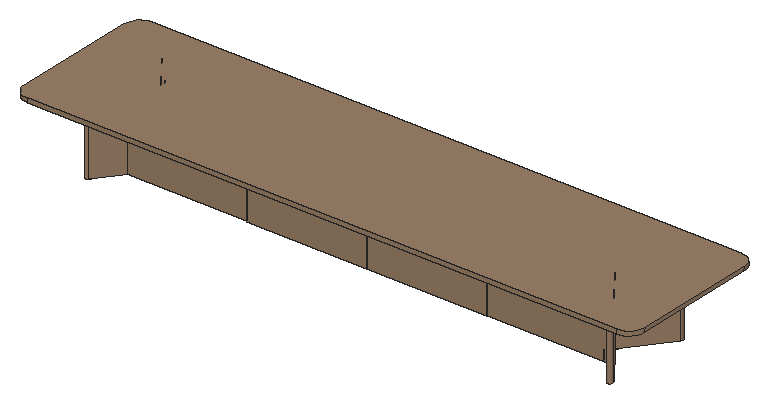
Revit family "Table-Teknion-CFTFFE_Figure_Table_Rectangular_Enclosed_V_Leg_Flat_Edge-R2023", category Furniture, Revit 2023
Family settings
  OmniClass Number = 23.40.20.00
  OmniClass Title = General Furniture and Specialties
  Work Plane-Based = No
  Enable Cutting in Views = No
  Always vertical = Yes
  Cut with Voids When Loaded = No
  Render Appearance Source = Family Geometry
  Shared = Yes
  Room Calculation Point = No
Parameters (values of type "60" Depth")
  Width [instance] = 240.000"
  Warranty = "http://www.teknion.com/ca/papers/legal-canada"
  Unit Weight URL = "http://www.teknion.com/ca/tools/assets#&asset=bee6a381-b954-425e-8283-5a2de3a804f2,f828d448-4b62-4231-9e5f-9a8991c0ed77"
  URL = "www.teknion.com"
  Top Finish [instance] = Veneer-Teknion-LX-Natural_Veneer_V3-Sierra_Flat_Cut
  To render please download texture images found here [instance] = "https://assets.teknion.com/web/5e81352c1dfdb467/revit-material-swatches/"
  Sustainability Data = "https://www.teknion.com/ca/tools/assets#&topic=216f99a5-57a0-44fc-b10a-9dee9b29ae4c&asset=444deb64-fe58-4b68-981e-f75e97781df7,b4ff2d81-9f2e-437d-9659-7cffb09c31cf"
  Surface Power Access [instance] = "Select one option for surface power access."  # constant formula
  Series = "Custom Wood Boardroom & Reception Tables"  # constant formula
  Product Page URL = "https://www.teknion.com/ca/products/product-details?productLineId=f182336e-8e7a-673b-a6c8-ff00004460c4"
  Product Line = "Figure Table"  # constant formula
  Product Documentation Link = "https://d2r72yk5wmppdj.cloudfront.net/m/7b6608f508e3c5a8/Community_Table_Cut_Sheet.pdf"
  Power Cover Finish [instance] = Paint - Teknion - Foundation - Sand
  Power - 2 & 3 [instance] = and([AF - 12" Standard Access Door], Width > 131.000")  # no
  Power - 1 & 3 [instance] = and([AF - 12" Standard Access Door], (or(Width < 121.000", Width > 203.000")))  # no
  Part Number = "CFTFFE"  # constant formula
  NN - None [instance] = not([AF - 12" Standard Access Door])  # yes
  Model = "CFTFFE60___S__"
  Manufacturer Phone = "416-661-3370"  # constant formula
  Manufacturer Fax = "416.661.4586"  # constant formula
  Manufacturer Contact Information = "http://www.teknion.com/ca/contactus"
  Manufacturer Address = "1150 Flint Road, Toronto, ON. M3J 2J5. Canada"  # constant formula
  Manufacturer = "Teknion"  # constant formula
  MR - AF + Base 1 [instance] = and([AF - 12" Standard Access Door], [Base - 1])  # no
  How To Use Teknion Materials User Guide [instance] = "https://assets.teknion.com/m/205dd0a49fa58060/original/How-to-add-a-Material-Library-and-Texture-Images-to-your-Revit-project.pdf"
  Glide Finish [instance] = Paint - Teknion - Foundation - Sand
  For Additional Finishes please visit [instance] = "https://assets.teknion.com/m/44a8009b046e5d47/original/Teknion_Materials_Library.zip"
  Dim 4 = if(Depth = 60.000", 8.346", 6.846")  # 8.346"
  Dim 3 [instance] = if(Width = 156.000", 60.414", if(Width = 168.000", 64.798", if(Width = 180.000", 68.414", if(Width = 192.000", 72.414", if(Width = 204.000", 63.621", if(Width = 216.000", 66.621", if(Width = 228.000", 69.621", if(Width = 240.000", 73.196", 35.000"))))))))  # 73.196"
  Dim 2 [instance] = if(Width = 240.000", 34.764", 32.462")  # 34.764"
  Dim 1 [instance] = if(Width = 120.000", 20.000", if(Width = 180.000", 45.000", if(Width = 192.000", 48.000", 42.000")))  # 42.000"
  Description = "Figure Table, Rectangular, Enclosed V-Leg, Flat Edge, 60\" Depth"
  Depth = 60.000"
  Default Elevation = 0.000"
  Cut - WK - 2 & 3 AF [instance] = if([Power - 2 & 3], 4.000", 0.300")  # 0.300"
  Cut - WK - 1 & 3 AF [instance] = if([Power - 1 & 3], 4.000", 0.300")  # 0.300"
  Cut - Base 2 [instance] = if([Base - 2], 30.000", 0.300")  # 30.000"
  Cut - Base 1 [instance] = if([Base - 1], 30.000", 0.300")  # 30.000"
  Corner Detail [instance] = "Select one option for Corner Detail"  # constant formula
  Base Finish [instance] = Veneer-Teknion-LX-Natural_Veneer_V3-Sierra_Flat_Cut
  Base - 1 [instance] = or(Width < 145.000", Width > 203.000")  # yes
  Base - 2 [instance] = Width > 146.000"  # yes
  Available Width [instance] = "120, 132, 144, 156, 168, 180, 192, 204, 216, 228 & 240 Inch"  # constant formula
  Available Depth = "48, 54 & 60 Inch"  # constant formula
  Assembly Code = "E2020200"
  AF - 12" Standard Access Door [instance] = no
  3 WK [instance] = Width > 203.000"  # yes
  2D - 3 Base [instance] = Width > 203.000"  # yes
  2D - 2 Base [instance] = or(Width = 156.000", Width = 168.000", Width = 180.000", Width = 192.000")  # no
  2D - 1 Base [instance] = Width < 145.000"  # no
  2 WK + NN [instance] = no
  2 WK + AF [instance] = and([AF - 12" Standard Access Door], (or(Width = 132.000", Width = 144.000", Width = 156.000", Width = 168.000", Width = 180.000", Width = 192.000")))  # no
  2 WK [instance] = or(Width = 120.000", Width = 132.000", Width = 144.000", Width = 156.000", Width = 168.000", Width = 180.000", Width = 192.000")  # no
  (S) Square [instance] = no
  (R) Radius [instance] = not([(S) Square])  # yes
Reference planes (in)
  plane 1 "Center Front/Back": y = 0
  plane 2: z = 0
  plane 3 "Center Left/Right": x = 0
  plane 4 "Left": x = -120
  plane 5 "Right": x = 120
  plane 6 "Back": y = 30
  plane 7 "Front": y = -30
  plane 8 "Top": z = 29
  plane 9: x = -85.236
  plane 10: x = 85.236
  plane 11: x = -78
  plane 12: x = 78
  plane 13: x = -40
  plane 14: x = 40
  plane 15: z = 28
  plane 16: x = -46.804
  plane 17: x = 46.804
  plane 18: y = 8.346
  plane 19: y = -8.346
Forms (in)
  Sweep 1, solid, material "Veneer-Teknion-LX-Natural_Veneer_V3-Sierra_Flat_Cut" <- "Top Finish", visible <- "(S) Square"
    path origin (0, 0, 0) x (1, 0, 0) y (0, 0, 1)
      loop
        line (0, 29) -> (0, 27.5)
    profile origin (0, 0, 28.25) x (0, -1, 0) y (1, 0, 0)
      loop
        line (-30, -120) -> (30, -120) -> (30, 120) -> (-30, 120) -> (-30, -120)
  Sweep 2, solid, material "Veneer-Teknion-LX-Natural_Veneer_V3-Sierra_Flat_Cut" <- "Top Finish"
    path origin (0, 0, 0) x (1, 0, 0) y (0, 0, 1)
      loop
        line (0, 27.5) -> (0, 26.75)
    profile origin (0, 0, 27.125) x (0, -1, 0) y (1, 0, 0)
      loop
        line (-22, -112) -> (22, -112) -> (22, 112) -> (-22, 112) -> (-22, -112)
  Sweep 3, void
    path origin (0, 0, 0) x (1, 0, 0) y (0, 0, 1)
      loop
        line (0, 23.8) -> (0, 23.5)
    profile origin (0, 0, 23.65) x (0, -1, 0) y (1, 0, 0)
      loop
        arc (-3.75, -86.25004) -> (-3.60355, -86.6036) -> (-3.25, -86.75004) r 0.5
        line (-3.25, -86.75004) -> (3.25, -86.75004)
        arc (3.25, -86.75004) -> (3.60355, -86.6036) -> (3.75, -86.25004) r 0.5
        line (3.75, -86.25004) -> (3.75, -69.75004)
        arc (3.75, -69.75004) -> (3.60355, -69.39649) -> (3.25, -69.25004) r 0.5
        line (3.25, -69.25004) -> (-3.25, -69.25004)
        arc (-3.25, -69.25004) -> (-3.60355, -69.39649) -> (-3.75, -69.75004) r 0.5
        line (-3.75, -69.75004) -> (-3.75, -86.25004)
      loop
        line (-3.75, 86.25004) -> (-3.75, 69.75004)
        arc (-3.75, 69.75004) -> (-3.60355, 69.39649) -> (-3.25, 69.25004) r 0.5
        line (-3.25, 69.25004) -> (3.25, 69.25004)
        arc (3.25, 69.25004) -> (3.60355, 69.39649) -> (3.75, 69.75004) r 0.5
        line (3.75, 69.75004) -> (3.75, 86.25004)
        arc (3.75, 86.25004) -> (3.60355, 86.6036) -> (3.25, 86.75004) r 0.5
        line (3.25, 86.75004) -> (-3.25, 86.75004)
        arc (-3.25, 86.75004) -> (-3.60355, 86.6036) -> (-3.75, 86.25004) r 0.5
  Sweep 4, void
    path origin (0, 0, 0) x (1, 0, 0) y (0, 0, 1)
      loop
        line (0, 23.5) -> (0, 23.8)
    profile origin (0, 0, 23.65) x (-1, 0, 0) y (0, -1, 0)
      loop
        arc (8.25, -3.75) -> (8.60355, -3.60355) -> (8.75, -3.25) r 0.5
        line (8.75, -3.25) -> (8.75, 3.25)
        arc (8.75, 3.25) -> (8.60355, 3.60355) -> (8.25, 3.75) r 0.5
        line (8.25, 3.75) -> (-8.25, 3.75)
        arc (-8.25, 3.75) -> (-8.60355, 3.60355) -> (-8.75, 3.25) r 0.5
        line (-8.75, 3.25) -> (-8.75, -3.25)
        arc (-8.75, -3.25) -> (-8.60355, -3.60355) -> (-8.25, -3.75) r 0.5
        line (-8.25, -3.75) -> (8.25, -3.75)
  Sweep 5, void
    path origin (0, 0, 0) x (1, 0, 0) y (0, 0, 1)
      loop
        line (0, 31.5) -> (0, 31.2)
    profile origin (0, 0, 31.35) x (0, -1, 0) y (1, 0, 0)
      loop
        line (-2.69291, -72.47642) -> (-2.69291, -83.52367)
        arc (-2.69291, -83.52367) -> (-2.5776, -83.80205) -> (-2.29921, -83.91737) r 0.3937
        line (-2.29921, -83.91737) -> (2.29921, -83.91737)
        arc (2.29921, -83.91737) -> (2.5776, -83.80205) -> (2.69291, -83.52367) r 0.3937
        line (2.69291, -83.52367) -> (2.69291, -72.47642)
        arc (2.69291, -72.47642) -> (2.5776, -72.19803) -> (2.29921, -72.08272) r 0.3937
        line (2.29921, -72.08272) -> (-2.29921, -72.08272)
        arc (-2.29921, -72.08272) -> (-2.5776, -72.19803) -> (-2.69291, -72.47642) r 0.3937
      loop
        arc (-2.69291, 72.47642) -> (-2.5776, 72.19803) -> (-2.29921, 72.08272) r 0.3937
        line (-2.29921, 72.08272) -> (2.29921, 72.08272)
        arc (2.29921, 72.08272) -> (2.5776, 72.19803) -> (2.69291, 72.47642) r 0.3937
        line (2.69291, 72.47642) -> (2.69291, 83.52367)
        arc (2.69291, 83.52367) -> (2.5776, 83.80205) -> (2.29921, 83.91737) r 0.3937
        line (2.29921, 83.91737) -> (-2.29921, 83.91737)
        arc (-2.29921, 83.91737) -> (-2.5776, 83.80205) -> (-2.69291, 83.52367) r 0.3937
        line (-2.69291, 83.52367) -> (-2.69291, 72.47642)
  Sweep 6, void
    path origin (0, 0, 0) x (1, 0, 0) y (0, 0, 1)
      loop
        line (0, 31.2) -> (0, 31.5)
    profile origin (0, 0, 31.35) x (-1, 0, 0) y (0, -1, 0)
      loop
        arc (5.52362, -2.69291) -> (5.80201, -2.5776) -> (5.91732, -2.29921) r 0.3937
        line (5.91732, -2.29921) -> (5.91732, 2.29921)
        arc (5.91732, 2.29921) -> (5.80201, 2.5776) -> (5.52362, 2.69291) r 0.3937
        line (5.52362, 2.69291) -> (-5.52362, 2.69291)
        arc (-5.52362, 2.69291) -> (-5.80201, 2.5776) -> (-5.91732, 2.29921) r 0.3937
        line (-5.91732, 2.29921) -> (-5.91732, -2.29921)
        arc (-5.91732, -2.29921) -> (-5.80201, -2.5776) -> (-5.52362, -2.69291) r 0.3937
        line (-5.52362, -2.69291) -> (5.52362, -2.69291)
  Sweep 7, solid, material "Veneer-Teknion-LX-Natural_Veneer_V3-Sierra_Flat_Cut" <- "Base Finish"
    path origin (0, 0, 0) x (1, 0, 0) y (0, 0, 1)
      loop
        line (0, 26.75) -> (0, 0.5)
    profile origin (0, 0, 13.625) x (0, -1, 0) y (1, 0, 0)
      loop
        line (-7.596, -92.52359) -> (-7.596, 92.52359) -> (-8.346, 93.09908) -> (-8.346, -93.09908) -> (-7.596, -92.52359)
      loop
        line (8.346, -93.09908) -> (8.346, 93.09908) -> (7.596, 92.52359) -> (7.596, -92.52359) -> (8.346, -93.09908)
      loop
        line (6.34206, 90.10244) -> (6.34206, -90.10244) -> (7.49954, -90.9906) -> (7.49954, 90.9906) -> (6.34206, 90.10244)
      loop
        line (-7.49954, 90.9906) -> (-7.49954, -90.9906) -> (-6.34206, -90.10244) -> (-6.34206, 90.10244) -> (-7.49954, 90.9906)
  Sweep 8, void
    path origin (0, 0, 0) x (1, 0, 0) y (0, 1, 0)
      loop
        line (120, 0) -> (-120, 0)
    profile origin (0, 0, 0) x (0, -1, 0) y (0, 0, 1)
      loop
        line (7.49954, 20.75) -> (-7.49954, 20.75) -> (-7.49954, 6.5) -> (7.49954, 6.5) -> (7.49954, 20.75)
  Sweep 9, void
    path origin (0, 0, 0) x (1, 0, 0) y (0, 0, 1)
      loop
        line (0, -2.5) -> (0, 27.5)
    profile origin (0, 0, 12.5) x (-1, 0, 0) y (0, -1, 0)
      loop
        line (47.96148, 7.5625) -> (46.64347, 7.5625) -> (46.64347, 8.346) -> (46.51847, 8.346) -> (46.51847, 7.5625) -> (45.64652, 7.5625) -> (45.64652, -7.5625) -> (46.51847, -7.5625) -> (46.51847, -8.346) -> (46.64347, -8.346) -> (46.64347, -7.5625) -> (47.96148, -7.5625) -> (47.96148, 7.5625)
      loop
        line (-47.96148, 7.5625) -> (-47.96148, -7.5625) -> (-46.64347, -7.5625) -> (-46.64347, -8.346) -> (-46.51847, -8.346) -> (-46.51847, -7.5625) -> (-45.64652, -7.5625) -> (-45.64652, 7.5625) -> (-46.51847, 7.5625) -> (-46.51847, 8.346) -> (-46.64347, 8.346) -> (-46.64347, 7.5625) -> (-47.96148, 7.5625)
  Sweep 10, void
    path origin (0, 0, 0) x (1, 0, 0) y (0, 0, 1)
      loop
        line (0, -2.5) -> (0, 27.5)
    profile origin (0, 0, 12.5) x (-1, 0, 0) y (0, -1, 0)
      loop
        line (1.15748, -7.54912) -> (1.15748, 7.54912) -> (0.0625, 7.54912) -> (0.0625, 8.346) -> (-0.0625, 8.346) -> (-0.0625, 7.54912) -> (-1.15748, 7.54912) -> (-1.15748, -7.54912) -> (-0.0625, -7.54912) -> (-0.0625, -8.346) -> (0.0625, -8.346) -> (0.0625, -7.54912) -> (1.15748, -7.54912)
  Sweep 11, solid, material "Veneer-Teknion-LX-Natural_Veneer_V3-Sierra_Flat_Cut" <- "Top Finish", visible <- "(R) Radius"
    path origin (0, 0, 0) x (1, 0, 0) y (0, 0, 1)
      loop
        line (0, 29) -> (0, 27.5)
    profile origin (0, 0, 28.25) x (0, -1, 0) y (1, 0, 0)
      loop
        arc (-30, -114) -> (-28.24264, -118.24264) -> (-24, -120) r 6
        line (-24, -120) -> (24, -120)
        arc (24, -120) -> (28.24264, -118.24264) -> (30, -114) r 6
        line (30, -114) -> (30, 114)
        arc (30, 114) -> (28.24264, 118.24264) -> (24, 120) r 6
        line (24, 120) -> (-24, 120)
        arc (-24, 120) -> (-28.24264, 118.24264) -> (-30, 114) r 6
        line (-30, 114) -> (-30, -114)
Cuts and joins
  Sweep 5, Sweep 6 cuts Sweep 1
  Sweep 8, Sweep 9, Sweep 10 cuts Sweep 7
  Sweep 3, Sweep 4, Sweep 5, Sweep 6 cuts Sweep 11
  Sweep 3, Sweep 4 cuts Sweep 2
Lines and regions (in)
  Masking region 1, visible <- "(S) Square"
    outline origin (480, -36.56537, 28) x (0, -1, 0) y (1, 0, 0)
      loop
        line (-66.56537, -600) -> (-6.56537, -600) -> (-6.56537, -360) -> (-66.56537, -360) -> (-66.56537, -600)
  Masking region 2, visible <- "Power - 2 & 3"
    outline origin (480, -36.56537, 28) x (0, -1, 0) y (1, 0, 0)
      loop
        line (-39.36852, -552.43701) -> (-39.36852, -563.56299)
        arc (-39.36852, -563.56299) -> (-39.23245, -563.89149) -> (-38.90395, -564.02756) r 0.46457
        line (-38.90395, -564.02756) -> (-34.22678, -564.02756)
        arc (-34.22678, -564.02756) -> (-33.89828, -563.89149) -> (-33.76222, -563.56299) r 0.46457
        line (-33.76222, -563.56299) -> (-33.76222, -552.43701)
        arc (-33.76222, -552.43701) -> (-33.89828, -552.10851) -> (-34.22678, -551.97244) r 0.46457
        line (-34.22678, -551.97244) -> (-38.90395, -551.97244)
        arc (-38.90395, -551.97244) -> (-39.23245, -552.10851) -> (-39.36852, -552.43701) r 0.46457
      loop
        arc (-39.08109, -563.50787) -> (-39.01306, -563.67211) -> (-38.84883, -563.74014) r 0.23226
        line (-38.84883, -563.74014) -> (-38.11709, -563.74014) -> (-38.11709, -563.66805) -> (-38.41576, -563.66805)
        arc (-38.41576, -563.66805) -> (-38.4984, -563.63382) -> (-38.53263, -563.55118) r 0.11687
        line (-38.53263, -563.55118) -> (-38.53263, -552.44882)
        arc (-38.53263, -552.44882) -> (-38.4984, -552.36618) -> (-38.41576, -552.33195) r 0.11687
        line (-38.41576, -552.33195) -> (-38.11709, -552.33195) -> (-38.11709, -552.25986) -> (-38.84883, -552.25986)
        arc (-38.84883, -552.25986) -> (-39.01306, -552.32789) -> (-39.08109, -552.49213) r 0.23226
        line (-39.08109, -552.49213) -> (-39.08109, -563.50787)
      loop
        arc (-34.5981, -563.55118) -> (-34.63233, -563.63382) -> (-34.71497, -563.66805) r 0.11687
        line (-34.71497, -563.66805) -> (-35.01364, -563.66805) -> (-35.01364, -563.74014) -> (-34.2819, -563.74014)
        arc (-34.2819, -563.74014) -> (-34.11767, -563.67211) -> (-34.04964, -563.50787) r 0.23226
        line (-34.04964, -563.50787) -> (-34.04964, -552.49213)
        arc (-34.04964, -552.49213) -> (-34.11767, -552.32789) -> (-34.2819, -552.25986) r 0.23226
        line (-34.2819, -552.25986) -> (-35.01364, -552.25986) -> (-35.01364, -552.33195) -> (-34.71497, -552.33195)
        arc (-34.71497, -552.33195) -> (-34.63233, -552.36618) -> (-34.5981, -552.44882) r 0.11687
        line (-34.5981, -552.44882) -> (-34.5981, -563.55118)
      loop
        line (-39.36852, -396.43701) -> (-39.36852, -407.56299)
        arc (-39.36852, -407.56299) -> (-39.23245, -407.89149) -> (-38.90395, -408.02756) r 0.46457
        line (-38.90395, -408.02756) -> (-34.22678, -408.02756)
        arc (-34.22678, -408.02756) -> (-33.89828, -407.89149) -> (-33.76222, -407.56299) r 0.46457
        line (-33.76222, -407.56299) -> (-33.76222, -396.43701)
        arc (-33.76222, -396.43701) -> (-33.89828, -396.10851) -> (-34.22678, -395.97244) r 0.46457
        line (-34.22678, -395.97244) -> (-38.90395, -395.97244)
        arc (-38.90395, -395.97244) -> (-39.23245, -396.10851) -> (-39.36852, -396.43701) r 0.46457
      loop
        arc (-39.08109, -407.50787) -> (-39.01306, -407.67211) -> (-38.84883, -407.74014) r 0.23226
        line (-38.84883, -407.74014) -> (-38.11709, -407.74014) -> (-38.11709, -407.66805) -> (-38.41576, -407.66805)
        arc (-38.41576, -407.66805) -> (-38.4984, -407.63382) -> (-38.53263, -407.55118) r 0.11687
        line (-38.53263, -407.55118) -> (-38.53263, -396.44882)
        arc (-38.53263, -396.44882) -> (-38.4984, -396.36618) -> (-38.41576, -396.33195) r 0.11687
        line (-38.41576, -396.33195) -> (-38.11709, -396.33195) -> (-38.11709, -396.25986) -> (-38.84883, -396.25986)
        arc (-38.84883, -396.25986) -> (-39.01306, -396.32789) -> (-39.08109, -396.49213) r 0.23226
        line (-39.08109, -396.49213) -> (-39.08109, -407.50787)
      loop
        line (-35.01364, -407.66805) -> (-35.01364, -407.74014) -> (-34.2819, -407.74014)
        arc (-34.2819, -407.74014) -> (-34.11767, -407.67211) -> (-34.04964, -407.50787) r 0.23226
        line (-34.04964, -407.50787) -> (-34.04964, -396.49213)
        arc (-34.04964, -396.49213) -> (-34.11767, -396.32789) -> (-34.2819, -396.25986) r 0.23226
        line (-34.2819, -396.25986) -> (-35.01364, -396.25986) -> (-35.01364, -396.33195) -> (-34.71497, -396.33195)
        arc (-34.71497, -396.33195) -> (-34.63233, -396.36618) -> (-34.5981, -396.44882) r 0.11687
        line (-34.5981, -396.44882) -> (-34.5981, -407.55118)
        arc (-34.5981, -407.55118) -> (-34.63233, -407.63382) -> (-34.71497, -407.66805) r 0.11687
        line (-34.71497, -407.66805) -> (-35.01364, -407.66805)
  Masking region 3, visible <- "Power - 1 & 3"
    outline origin (480, -36.56537, 28) x (0, -1, 0) y (1, 0, 0)
      loop
        line (-39.36852, -474.43701) -> (-39.36852, -485.56299)
        arc (-39.36852, -485.56299) -> (-39.23245, -485.89149) -> (-38.90395, -486.02756) r 0.46457
        line (-38.90395, -486.02756) -> (-34.22678, -486.02756)
        arc (-34.22678, -486.02756) -> (-33.89828, -485.89149) -> (-33.76222, -485.56299) r 0.46457
        line (-33.76222, -485.56299) -> (-33.76222, -474.43701)
        arc (-33.76222, -474.43701) -> (-33.89828, -474.10851) -> (-34.22678, -473.97244) r 0.46457
        line (-34.22678, -473.97244) -> (-38.90395, -473.97244)
        arc (-38.90395, -473.97244) -> (-39.23245, -474.10851) -> (-39.36852, -474.43701) r 0.46457
      loop
        arc (-39.08109, -485.50787) -> (-39.01306, -485.67211) -> (-38.84883, -485.74014) r 0.23226
        line (-38.84883, -485.74014) -> (-38.11709, -485.74014) -> (-38.11709, -485.66805) -> (-38.41576, -485.66805)
        arc (-38.41576, -485.66805) -> (-38.4984, -485.63382) -> (-38.53263, -485.55118) r 0.11687
        line (-38.53263, -485.55118) -> (-38.53263, -474.44882)
        arc (-38.53263, -474.44882) -> (-38.4984, -474.36618) -> (-38.41576, -474.33195) r 0.11687
        line (-38.41576, -474.33195) -> (-38.11709, -474.33195) -> (-38.11709, -474.25986) -> (-38.84883, -474.25986)
        arc (-38.84883, -474.25986) -> (-39.01306, -474.32789) -> (-39.08109, -474.49213) r 0.23226
        line (-39.08109, -474.49213) -> (-39.08109, -485.50787)
      loop
        arc (-34.5981, -485.55118) -> (-34.63233, -485.63382) -> (-34.71497, -485.66805) r 0.11687
        line (-34.71497, -485.66805) -> (-35.01364, -485.66805) -> (-35.01364, -485.74014) -> (-34.2819, -485.74014)
        arc (-34.2819, -485.74014) -> (-34.11767, -485.67211) -> (-34.04964, -485.50787) r 0.23226
        line (-34.04964, -485.50787) -> (-34.04964, -474.49213)
        arc (-34.04964, -474.49213) -> (-34.11767, -474.32789) -> (-34.2819, -474.25986) r 0.23226
        line (-34.2819, -474.25986) -> (-35.01364, -474.25986) -> (-35.01364, -474.33195) -> (-34.71497, -474.33195)
        arc (-34.71497, -474.33195) -> (-34.63233, -474.36618) -> (-34.5981, -474.44882) r 0.11687
        line (-34.5981, -474.44882) -> (-34.5981, -485.55118)
  Masking region 4, visible <- "MR - AF + Base 1"
    outline origin (0, 0, 0) x (1, 0, 0) y (0, 1, 0)
      loop
        line (-1.15748, 2.51573) -> (-1.15748, 1.96727) -> (1.15748, 1.96727) -> (1.15748, 2.51573) -> (-1.15748, 2.51573)
      loop
        line (-1.15748, -1.96727) -> (-1.15748, -2.51573) -> (1.15748, -2.51573) -> (1.15748, -1.96727) -> (-1.15748, -1.96727)
  Masking region 5, visible <- "(R) Radius"
    outline origin (0, 0, 0) x (1, 0, 0) y (0, 1, 0)
      loop
        arc (-114, 30) -> (-118.24264, 28.24264) -> (-120, 24) r 6
        line (-120, 24) -> (-120, -24)
        arc (-120, -24) -> (-118.24264, -28.24264) -> (-114, -30) r 6
        line (-114, -30) -> (114, -30)
        arc (114, -30) -> (118.24264, -28.24264) -> (120, -24) r 6
        line (120, -24) -> (120, 24)
        arc (120, 24) -> (118.24264, 28.24264) -> (114, 30) r 6
        line (114, 30) -> (-114, 30)
  model lines, visible <- "2 WK"
    curve 1: line (0, -30, 29) -> (0, -2.69291, 29)
    curve 2: line (0, -30, 27.5) -> (0, -30, 29)
    curve 10: line (0, 2.69291, 29) -> (0, 30, 29)
  model lines, style "Furniture", visible <- "2 WK"
    curve 3: line (0, 30, 27.5) -> (0, 30, 29)
  model lines, visible <- "3 WK"
    curve 4: line (-40, -30, 27.5) -> (-40, -30, 29)
    curve 5: line (-40, -30, 29) -> (-40, 30, 29)
    curve 6: line (-40, 30, 27.5) -> (-40, 30, 29)
    curve 7: line (40, 30, 27.5) -> (40, 30, 29)
    curve 8: line (40, -30, 29) -> (40, 30, 29)
    curve 9: line (40, -30, 29) -> (40, -30, 27.5)
  model lines, visible <- "2 WK + NN"
    curve 11: line (0, -2.69291, 29) -> (0, 2.69291, 29)
  symbolic lines, visible <- "Power - 2 & 3"
    curve 12: line (-83.74014, 2.28346, 28) -> (-83.74014, -2.28346, 28)
    curve 13: line (-83.66805, 1.85039, 28) -> (-83.66805, -1.85039, 28)
    curve 14: line (-72.33195, -1.85039, 28) -> (-72.33195, 1.85039, 28)
    curve 15: line (-72.25986, 2.28346, 28) -> (-72.25986, -2.28346, 28)
    curve 20: line (72.25986, 2.28346, 28) -> (72.25986, -2.28346, 28)
    curve 21: line (72.33195, 1.85039, 28) -> (72.33195, -1.85039, 28)
    curve 22: line (83.66805, -1.85039, 28) -> (83.66805, 1.85039, 28)
    curve 23: line (83.74014, 2.28346, 28) -> (83.74014, -2.28346, 28)
  symbolic lines, visible <- "Power - 1 & 3"
    curve 16: line (-5.74014, 2.28346, 28) -> (-5.74014, -2.28346, 28)
    curve 17: line (-5.66805, 1.85039, 28) -> (-5.66805, -1.85039, 28)
    curve 18: line (5.66805, -1.85039, 28) -> (5.66805, 1.85039, 28)
    curve 19: line (5.74014, 2.28346, 28) -> (5.74014, -2.28346, 28)
  symbolic lines, style "FurnitureHiddenLines", visible <- "Power - 2 & 3", detail levels medium+fine
    curve 24: line (-83.50787, 2.55535, 28) -> (-72.49213, 2.55535, 28)
    curve 25: arc (-72.49213, 2.55535, 28) -> (-72.29987, 2.47572, 28) -> (-72.22024, 2.28346, 28) r 0.27189
    curve 26: line (-72.22024, 2.28346, 28) -> (-72.22024, -2.28346, 28)
    curve 27: arc (-72.22024, -2.28346, 28) -> (-72.29987, -2.47572, 28) -> (-72.49213, -2.55535, 28) r 0.27189
    curve 28: line (-72.49213, -2.55535, 28) -> (-83.50787, -2.55535, 28)
    curve 29: arc (-83.50787, -2.55535, 28) -> (-83.70013, -2.47572, 28) -> (-83.77976, -2.28346, 28) r 0.27189
    curve 30: line (-83.77976, -2.28346, 28) -> (-83.77976, 2.28346, 28)
    curve 31: arc (-83.77976, 2.28346, 28) -> (-83.70013, 2.47572, 28) -> (-83.50787, 2.55535, 28) r 0.27189
    curve 32: line (-83.77976, -1.55173, 28) -> (-83.49606, -1.55173, 28)
    curve 33: line (-83.49606, -1.55173, 28) -> (-83.49606, 1.55173, 28)
    curve 34: line (-83.49606, 1.55173, 28) -> (-83.77976, 1.55173, 28)
    curve 35: line (-83.04724, -1.55315, 28) -> (-83.46457, -1.55315, 28)
    curve 36: line (-83.46457, -1.55315, 28) -> (-83.46457, 1.55315, 28)
    curve 37: line (-83.46457, 1.55315, 28) -> (-83.04724, 1.55315, 28)
    curve 38: line (-83.04724, 1.55315, 28) -> (-83.04724, -1.55315, 28)
    curve 39: line (-83.74014, 1.44686, 28) -> (-83.10236, 1.44686, 28)
    curve 40: line (-83.10236, 1.44686, 28) -> (-83.10236, -1.44686, 28)
    curve 41: line (-83.10236, -1.44686, 28) -> (-83.74014, -1.44686, 28)
    curve 42: line (-72.53543, 1.55315, 28) -> (-72.95276, 1.55315, 28)
    curve 43: line (-72.95276, 1.55315, 28) -> (-72.95276, -1.55315, 28)
    curve 44: line (-72.95276, -1.55315, 28) -> (-72.53543, -1.55315, 28)
    curve 45: line (-72.53543, -1.55315, 28) -> (-72.53543, 1.55315, 28)
    curve 46: line (-72.25986, 1.44686, 28) -> (-72.89764, 1.44686, 28)
    curve 47: line (-72.89764, 1.44686, 28) -> (-72.89764, -1.44686, 28)
    curve 48: line (-72.89764, -1.44686, 28) -> (-72.25986, -1.44686, 28)
    curve 49: line (-72.22024, 1.55173, 28) -> (-72.50394, 1.55173, 28)
    curve 50: line (-72.50394, 1.55173, 28) -> (-72.50394, -1.55173, 28)
    curve 51: line (-72.50394, -1.55173, 28) -> (-72.22024, -1.55173, 28)
    curve 80: line (72.49213, 2.55535, 28) -> (83.50787, 2.55535, 28)
    curve 81: arc (83.50787, 2.55535, 28) -> (83.70013, 2.47572, 28) -> (83.77976, 2.28346, 28) r 0.27189
    curve 82: line (83.77976, 2.28346, 28) -> (83.77976, -2.28346, 28)
    curve 83: arc (83.77976, -2.28346, 28) -> (83.70013, -2.47572, 28) -> (83.50787, -2.55535, 28) r 0.27189
    curve 84: line (83.50787, -2.55535, 28) -> (72.49213, -2.55535, 28)
    curve 85: arc (72.49213, -2.55535, 28) -> (72.29987, -2.47572, 28) -> (72.22024, -2.28346, 28) r 0.27189
    curve 86: line (72.22024, -2.28346, 28) -> (72.22024, 2.28346, 28)
    curve 87: arc (72.22024, 2.28346, 28) -> (72.29987, 2.47572, 28) -> (72.49213, 2.55535, 28) r 0.27189
    curve 88: line (72.22024, -1.55173, 28) -> (72.50394, -1.55173, 28)
    curve 89: line (72.50394, -1.55173, 28) -> (72.50394, 1.55173, 28)
    curve 90: line (72.50394, 1.55173, 28) -> (72.22024, 1.55173, 28)
    curve 91: line (72.95276, -1.55315, 28) -> (72.53543, -1.55315, 28)
    curve 92: line (72.53543, -1.55315, 28) -> (72.53543, 1.55315, 28)
    curve 93: line (72.53543, 1.55315, 28) -> (72.95276, 1.55315, 28)
    curve 94: line (72.95276, 1.55315, 28) -> (72.95276, -1.55315, 28)
    curve 95: line (72.25986, 1.44686, 28) -> (72.89764, 1.44686, 28)
    curve 96: line (72.89764, 1.44686, 28) -> (72.89764, -1.44686, 28)
    curve 97: line (72.89764, -1.44686, 28) -> (72.25986, -1.44686, 28)
    curve 98: line (83.46457, 1.55315, 28) -> (83.04724, 1.55315, 28)
    curve 99: line (83.04724, 1.55315, 28) -> (83.04724, -1.55315, 28)
    curve 100: line (83.04724, -1.55315, 28) -> (83.46457, -1.55315, 28)
    curve 101: line (83.46457, -1.55315, 28) -> (83.46457, 1.55315, 28)
    curve 102: line (83.77976, 1.55173, 28) -> (83.49606, 1.55173, 28)
    curve 103: line (83.49606, 1.55173, 28) -> (83.49606, -1.55173, 28)
    curve 104: line (83.49606, -1.55173, 28) -> (83.77976, -1.55173, 28)
    curve 105: line (83.74014, 1.44686, 28) -> (83.10236, 1.44686, 28)
    curve 106: line (83.10236, 1.44686, 28) -> (83.10236, -1.44686, 28)
    curve 107: line (83.10236, -1.44686, 28) -> (83.74014, -1.44686, 28)
  symbolic lines, style "FurnitureHiddenLines", visible <- "Power - 1 & 3", detail levels medium+fine
    curve 52: line (-5.50787, 2.55535, 28) -> (5.50787, 2.55535, 28)
    curve 53: arc (5.50787, 2.55535, 28) -> (5.70013, 2.47572, 28) -> (5.77976, 2.28346, 28) r 0.27189
    curve 54: line (5.77976, 2.28346, 28) -> (5.77976, -2.28346, 28)
    curve 55: arc (5.77976, -2.28346, 28) -> (5.70013, -2.47572, 28) -> (5.50787, -2.55535, 28) r 0.27189
    curve 56: line (5.50787, -2.55535, 28) -> (-5.50787, -2.55535, 28)
    curve 57: arc (-5.50787, -2.55535, 28) -> (-5.70013, -2.47572, 28) -> (-5.77976, -2.28346, 28) r 0.27189
    curve 58: line (-5.77976, -2.28346, 28) -> (-5.77976, 2.28346, 28)
    curve 59: arc (-5.77976, 2.28346, 28) -> (-5.70013, 2.47572, 28) -> (-5.50787, 2.55535, 28) r 0.27189
    curve 60: line (-5.77976, -1.55173, 28) -> (-5.49606, -1.55173, 28)
    curve 61: line (-5.49606, -1.55173, 28) -> (-5.49606, 1.55173, 28)
    curve 62: line (-5.49606, 1.55173, 28) -> (-5.77976, 1.55173, 28)
    curve 63: line (-5.04724, -1.55315, 28) -> (-5.46457, -1.55315, 28)
    curve 64: line (-5.46457, -1.55315, 28) -> (-5.46457, 1.55315, 28)
    curve 65: line (-5.46457, 1.55315, 28) -> (-5.04724, 1.55315, 28)
    curve 66: line (-5.04724, 1.55315, 28) -> (-5.04724, -1.55315, 28)
    curve 67: line (-5.74014, 1.44686, 28) -> (-5.10236, 1.44686, 28)
    curve 68: line (-5.10236, 1.44686, 28) -> (-5.10236, -1.44686, 28)
    curve 69: line (-5.10236, -1.44686, 28) -> (-5.74014, -1.44686, 28)
    curve 70: line (5.46457, 1.55315, 28) -> (5.04724, 1.55315, 28)
    curve 71: line (5.04724, 1.55315, 28) -> (5.04724, -1.55315, 28)
    curve 72: line (5.04724, -1.55315, 28) -> (5.46457, -1.55315, 28)
    curve 73: line (5.46457, -1.55315, 28) -> (5.46457, 1.55315, 28)
    curve 74: line (5.77976, 1.55173, 28) -> (5.49606, 1.55173, 28)
    curve 75: line (5.49606, 1.55173, 28) -> (5.49606, -1.55173, 28)
    curve 76: line (5.49606, -1.55173, 28) -> (5.77976, -1.55173, 28)
    curve 77: line (5.74014, 1.44686, 28) -> (5.10236, 1.44686, 28)
    curve 78: line (5.10236, 1.44686, 28) -> (5.10236, -1.44686, 28)
    curve 79: line (5.10236, -1.44686, 28) -> (5.74014, -1.44686, 28)
  symbolic lines, style "FurnitureHiddenLines", visible <- "Power - 2 & 3", detail levels fine
    curve 108: line (-72.47642, 2.69291, 28) -> (-83.52367, 2.69291, 28)
    curve 109: arc (-83.52367, 2.69291, 28) -> (-83.80205, 2.5776, 28) -> (-83.91737, 2.29921, 28) r 0.3937
    curve 110: line (-83.91737, 2.29921, 28) -> (-83.91737, -2.29921, 28)
    curve 111: arc (-83.91737, -2.29921, 28) -> (-83.80205, -2.5776, 28) -> (-83.52367, -2.69291, 28) r 0.3937
    curve 112: line (-83.52367, -2.69291, 28) -> (-72.47642, -2.69291, 28)
    curve 113: arc (-72.47642, -2.69291, 28) -> (-72.19803, -2.5776, 28) -> (-72.08272, -2.29921, 28) r 0.3937
    curve 114: line (-72.08272, -2.29921, 28) -> (-72.08272, 2.29921, 28)
    curve 115: arc (-72.08272, 2.29921, 28) -> (-72.19803, 2.5776, 28) -> (-72.47642, 2.69291, 28) r 0.3937
    curve 124: line (83.52367, 2.69291, 28) -> (72.47642, 2.69291, 28)
    curve 125: arc (72.47642, 2.69291, 28) -> (72.19803, 2.5776, 28) -> (72.08272, 2.29921, 28) r 0.3937
    curve 126: line (72.08272, 2.29921, 28) -> (72.08272, -2.29921, 28)
    curve 127: arc (72.08272, -2.29921, 28) -> (72.19803, -2.5776, 28) -> (72.47642, -2.69291, 28) r 0.3937
    curve 128: line (72.47642, -2.69291, 28) -> (83.52367, -2.69291, 28)
    curve 129: arc (83.52367, -2.69291, 28) -> (83.80205, -2.5776, 28) -> (83.91737, -2.29921, 28) r 0.3937
    curve 130: line (83.91737, -2.29921, 28) -> (83.91737, 2.29921, 28)
    curve 131: arc (83.91737, 2.29921, 28) -> (83.80205, 2.5776, 28) -> (83.52367, 2.69291, 28) r 0.3937
    curve 136: line (-69.25004, -3.25, 28) -> (-69.25004, 3.25, 28)
    curve 137: arc (-69.25004, 3.25, 28) -> (-69.39649, 3.60355, 28) -> (-69.75004, 3.75, 28) r 0.5
    curve 138: line (-69.75004, 3.75, 28) -> (-86.25004, 3.75, 28)
    curve 139: arc (-86.25004, 3.75, 28) -> (-86.6036, 3.60355, 28) -> (-86.75004, 3.25, 28) r 0.5
    curve 140: line (-86.75004, 3.25, 28) -> (-86.75004, -3.25, 28)
    curve 141: arc (-86.75004, -3.25, 28) -> (-86.6036, -3.60355, 28) -> (-86.25004, -3.75, 28) r 0.5
    curve 142: line (-86.25004, -3.75, 28) -> (-69.75004, -3.75, 28)
    curve 143: arc (-69.75004, -3.75, 28) -> (-69.39649, -3.60355, 28) -> (-69.25004, -3.25, 28) r 0.5
    curve 144: line (86.25004, 3.75, 28) -> (69.75004, 3.75, 28)
    curve 145: arc (69.75004, 3.75, 28) -> (69.39649, 3.60355, 28) -> (69.25004, 3.25, 28) r 0.5
    curve 146: line (69.25004, 3.25, 28) -> (69.25004, -3.25, 28)
    curve 147: arc (69.25004, -3.25, 28) -> (69.39649, -3.60355, 28) -> (69.75004, -3.75, 28) r 0.5
    curve 148: line (69.75004, -3.75, 28) -> (86.25004, -3.75, 28)
    curve 149: arc (86.25004, -3.75, 28) -> (86.6036, -3.60355, 28) -> (86.75004, -3.25, 28) r 0.5
    curve 150: line (86.75004, -3.25, 28) -> (86.75004, 3.25, 28)
    curve 151: arc (86.75004, 3.25, 28) -> (86.6036, 3.60355, 28) -> (86.25004, 3.75, 28) r 0.5
  symbolic lines, style "FurnitureHiddenLines", visible <- "Power - 1 & 3", detail levels fine
    curve 116: line (5.52362, 2.69291, 28) -> (-5.52362, 2.69291, 28)
    curve 117: arc (-5.52362, 2.69291, 28) -> (-5.80201, 2.5776, 28) -> (-5.91732, 2.29921, 28) r 0.3937
    curve 118: line (-5.91732, 2.29921, 28) -> (-5.91732, -2.29921, 28)
    curve 119: arc (-5.91732, -2.29921, 28) -> (-5.80201, -2.5776, 28) -> (-5.52362, -2.69291, 28) r 0.3937
    curve 120: line (-5.52362, -2.69291, 28) -> (5.52362, -2.69291, 28)
    curve 121: arc (5.52362, -2.69291, 28) -> (5.80201, -2.5776, 28) -> (5.91732, -2.29921, 28) r 0.3937
    curve 122: line (5.91732, -2.29921, 28) -> (5.91732, 2.29921, 28)
    curve 123: arc (5.91732, 2.29921, 28) -> (5.80201, 2.5776, 28) -> (5.52362, 2.69291, 28) r 0.3937
    curve 152: line (8.75, -3.25, 28) -> (8.75, 3.25, 28)
    curve 153: arc (8.75, 3.25, 28) -> (8.60355, 3.60355, 28) -> (8.25, 3.75, 28) r 0.5
    curve 154: line (8.25, 3.75, 28) -> (-8.25, 3.75, 28)
    curve 155: arc (-8.25, 3.75, 28) -> (-8.60355, 3.60355, 28) -> (-8.75, 3.25, 28) r 0.5
    curve 156: line (-8.75, 3.25, 28) -> (-8.75, -3.25, 28)
    curve 157: arc (-8.75, -3.25, 28) -> (-8.60355, -3.60355, 28) -> (-8.25, -3.75, 28) r 0.5
    curve 158: line (-8.25, -3.75, 28) -> (8.25, -3.75, 28)
    curve 159: arc (8.25, -3.75, 28) -> (8.60355, -3.60355, 28) -> (8.75, -3.25, 28) r 0.5
  symbolic lines, style "FurnitureHiddenLines", detail levels medium+fine
    curve 132: line (112, 22, 28) -> (-112, 22, 28)
    curve 133: line (-112, 22, 28) -> (-112, -22, 28)
    curve 134: line (-112, -22, 28) -> (112, -22, 28)
    curve 135: line (112, -22, 28) -> (112, 22, 28)
    curve 164: line (-100.20663, -17.60874, 0) -> (-86.69497, 0, 0)
    curve 165: line (-86.69497, 0, 0) -> (-100.20663, 17.60874, 0)
    curve 166: line (-101.79334, 16.39121, 0) -> (-89.21592, 0, 0)
    curve 167: line (-89.21592, 0, 0) -> (-101.79334, -16.39121, 0)
    curve 168: arc (-101.79334, -16.39121, 0) -> (-101.60875, -17.79333, 0) -> (-100.20663, -17.60874, 0) r 1
    curve 169: arc (-100.20663, 17.60874, 0) -> (-101.60875, 17.79333, 0) -> (-101.79334, 16.39121, 0) r 1
    curve 170: line (-85.236, 0, 0) -> (-90.99095, 7.5, 0)
    curve 171: line (-90.99095, -7.5, 0) -> (-85.236, 0, 0)
    curve 172: line (-92.44992, -7.5, 0) -> (-90.99095, -7.5, 0)
    curve 173: line (-89.76428, -4, 0) -> (-88.30531, -4, 0)
    curve 174: line (-88.30531, 4, 0) -> (-89.76428, 4, 0)
    curve 175: line (-90.99095, 7.5, 0) -> (-92.44992, 7.5, 0)
    curve 176: line (89.21592, 0, 0) -> (101.79334, 16.39121, 0)
    curve 177: line (100.20663, 17.60874, 0) -> (86.69497, 0, 0)
    curve 178: line (90.99095, 7.5, 0) -> (85.236, 0, 0)
    curve 179: line (85.236, 0, 0) -> (90.99095, -7.5, 0)
    curve 180: line (86.69497, 0, 0) -> (100.20663, -17.60874, 0)
    curve 181: line (101.79334, -16.39121, 0) -> (89.21592, 0, 0)
    curve 182: line (88.30531, -4, 0) -> (89.76428, -4, 0)
    curve 183: line (90.99095, -7.5, 0) -> (92.44992, -7.5, 0)
    curve 184: line (89.76428, 4, 0) -> (88.30531, 4, 0)
    curve 185: line (92.44992, 7.5, 0) -> (90.99095, 7.5, 0)
    curve 186: arc (101.79334, 16.39121, 0) -> (101.60875, 17.79333, 0) -> (100.20663, 17.60874, 0) r 1
    curve 187: arc (100.20663, -17.60874, 0) -> (101.60875, -17.79333, 0) -> (101.79334, -16.39121, 0) r 1
    curve 194: line (-90.9906, -7.49954, 0) -> (90.9906, -7.49954, 0)
    curve 195: line (-1.15748, -6.34206, 0) -> (-90.10244, -6.34206, 0)
    curve 196: line (90.10244, -6.34206, 0) -> (1.15748, -6.34206, 0)
    curve 203: line (90.9906, 7.49954, 0) -> (-90.9906, 7.49954, 0)
    curve 204: line (1.15748, 6.34206, 0) -> (90.10244, 6.34206, 0)
    curve 205: line (-90.10244, 6.34206, 0) -> (-1.15748, 6.34206, 0)
  reference lines
    curve 160: line (-120, 30, 0) -> (120, 30, 0)
    curve 161: line (-120, -30, 0) -> (120, -30, 0)
    curve 162: line (-120, 30, 0) -> (-120, -30, 0)
    curve 163: line (120, 30, 0) -> (120, -30, 0)
  symbolic lines, style "FurnitureHiddenLines", visible <- "2D - 1 Base", detail levels medium+fine
    curve 188: line (-0.0625, -7.596, 0) -> (-0.0625, -8.346, 0)
    curve 189: line (-0.0625, -7.596, 0) -> (-92.52359, -7.596, 0)
    curve 190: line (-93.09908, -8.346, 0) -> (-0.0625, -8.346, 0)
    curve 191: line (0.0625, -8.346, 0) -> (0.0625, -7.596, 0)
    curve 192: line (92.52359, -7.596, 0) -> (0.0625, -7.596, 0)
    curve 193: line (0.0625, -8.346, 0) -> (93.09908, -8.346, 0)
    curve 197: line (-0.0625, 8.346, 0) -> (-93.09908, 8.346, 0)
    curve 198: line (-92.52359, 7.596, 0) -> (-0.0625, 7.596, 0)
    curve 199: line (-0.0625, 8.346, 0) -> (-0.0625, 7.596, 0)
    curve 200: line (93.09908, 8.346, 0) -> (0.0625, 8.346, 0)
    curve 201: line (0.0625, 7.596, 0) -> (0.0625, 8.346, 0)
    curve 202: line (0.0625, 7.596, 0) -> (92.52359, 7.596, 0)
  symbolic lines, style "FurnitureHiddenLines", visible <- "Base - 1", detail levels medium+fine
    curve 206: line (1.15748, 7.5, 0) -> (1.15748, -7.5, 0)
    curve 207: line (-1.15748, 7.5, 0) -> (-1.15748, -7.5, 0)
    curve 208: line (1.15748, -4, 0) -> (-1.15748, -4, 0)
    curve 209: line (-1.15748, 4, 0) -> (1.15748, 4, 0)
    curve 210: line (1.15748, -2, 0) -> (-1.15748, -2, 0)
    curve 211: line (-1.15748, 2, 0) -> (1.15748, 2, 0)
    curve 328: line (0, -7.5, 0) -> (0, 7.5, 0)
  symbolic lines, style "FurnitureHiddenLines", visible <- "2D - 2 Base", detail levels medium+fine
    curve 212: line (-46.64347, 8.346, 0) -> (-93.09908, 8.346, 0)
    curve 213: line (-46.64347, 8.346, 0) -> (-46.64347, 7.596, 0)
    curve 214: line (-92.52359, 7.596, 0) -> (-46.64347, 7.596, 0)
    curve 215: line (-46.51847, 7.596, 0) -> (46.51847, 7.596, 0)
    curve 216: line (-46.51847, 7.596, 0) -> (-46.51847, 8.346, 0)
    curve 217: line (46.51847, 8.346, 0) -> (-46.51847, 8.346, 0)
    curve 218: line (46.51847, 8.346, 0) -> (46.51847, 7.596, 0)
    curve 219: line (93.09908, 8.346, 0) -> (46.64347, 8.346, 0)
    curve 220: line (46.64347, 7.596, 0) -> (92.52359, 7.596, 0)
    curve 221: line (46.64347, 7.596, 0) -> (46.64347, 8.346, 0)
    curve 222: line (-46.64347, -7.596, 0) -> (-92.52359, -7.596, 0)
    curve 223: line (-46.64347, -7.596, 0) -> (-46.64347, -8.346, 0)
    curve 224: line (-93.09908, -8.346, 0) -> (-46.64347, -8.346, 0)
    curve 225: line (-46.51847, -8.346, 0) -> (-46.51847, -7.596, 0)
    curve 226: line (46.51847, -7.596, 0) -> (-46.51847, -7.596, 0)
    curve 227: line (-46.51847, -8.346, 0) -> (46.51847, -8.346, 0)
    curve 228: line (46.51847, -7.596, 0) -> (46.51847, -8.346, 0)
    curve 229: line (46.64347, -8.346, 0) -> (46.64347, -7.596, 0)
    curve 230: line (92.52359, -7.596, 0) -> (46.64347, -7.596, 0)
    curve 231: line (46.64347, -8.346, 0) -> (93.09908, -8.346, 0)
    curve 232: line (-90.10244, 6.34206, 0) -> (-47.96148, 6.34206, 0)
    curve 233: line (-47.96148, -6.34206, 0) -> (-90.10244, -6.34206, 0)
    curve 234: line (45.64652, -6.34206, 0) -> (-45.64652, -6.34206, 0)
    curve 235: line (-45.64652, 6.34206, 0) -> (45.64652, 6.34206, 0)
    curve 236: line (47.96148, 6.34206, 0) -> (90.10244, 6.34206, 0)
    curve 237: line (90.10244, -6.34206, 0) -> (47.96148, -6.34206, 0)
  symbolic lines, style "FurnitureHiddenLines", visible <- "Base - 2", detail levels medium+fine
    curve 238: line (-47.96148, 7.5, 0) -> (-47.96148, -7.5, 0)
    curve 239: line (-46.804, -7.5, 0) -> (-46.804, 7.5, 0)
    curve 240: line (-45.64652, 7.5, 0) -> (-45.64652, -7.5, 0)
    curve 241: line (-47.96148, 2, 0) -> (-45.64652, 2, 0)
    curve 242: line (-47.96148, 4, 0) -> (-45.64652, 4, 0)
    curve 243: line (-45.64652, -2, 0) -> (-47.96148, -2, 0)
    curve 244: line (-45.64652, -4, 0) -> (-47.96148, -4, 0)
    curve 245: line (45.64652, 7.5, 0) -> (45.64652, -7.5, 0)
    curve 246: line (47.96148, 7.5, 0) -> (47.96148, -7.5, 0)
    curve 247: line (45.64652, 4, 0) -> (47.96148, 4, 0)
    curve 248: line (45.64652, 2, 0) -> (47.96148, 2, 0)
    curve 249: line (47.96148, -2, 0) -> (45.64652, -2, 0)
    curve 250: line (47.96148, -4, 0) -> (45.64652, -4, 0)
    curve 251: line (46.804, -7.5, 0) -> (46.804, 7.5, 0)
  symbolic lines, style "FurnitureHiddenLines", visible <- "2D - 3 Base", detail levels medium+fine
    curve 252: line (-46.64347, -7.596, 0) -> (-46.64347, -8.346, 0)
    curve 253: line (-46.51847, -8.346, 0) -> (-46.51847, -7.596, 0)
    curve 254: line (-46.64347, -7.596, 0) -> (-92.52359, -7.596, 0)
    curve 255: line (-93.09908, -8.346, 0) -> (-46.64347, -8.346, 0)
    curve 256: line (-46.51847, -8.346, 0) -> (-0.0625, -8.346, 0)
    curve 257: line (-0.0625, -7.596, 0) -> (-46.51847, -7.596, 0)
    curve 258: line (-0.0625, -7.596, 0) -> (-0.0625, -8.346, 0)
    curve 259: line (0.0625, -8.346, 0) -> (0.0625, -7.596, 0)
    curve 260: line (46.51847, -7.596, 0) -> (0.0625, -7.596, 0)
    curve 261: line (0.0625, -8.346, 0) -> (46.51847, -8.346, 0)
    curve 262: line (46.51847, -7.596, 0) -> (46.51847, -8.346, 0)
    curve 263: line (92.52359, -7.596, 0) -> (46.64347, -7.596, 0)
    curve 264: line (46.64347, -8.346, 0) -> (46.64347, -7.596, 0)
    curve 265: line (46.64347, -8.346, 0) -> (93.09908, -8.346, 0)
    curve 266: line (90.10244, -6.34206, 0) -> (47.96148, -6.34206, 0)
    curve 267: line (45.64652, -6.34206, 0) -> (1.15748, -6.34206, 0)
    curve 268: line (-1.15748, -6.34206, 0) -> (-45.64652, -6.34206, 0)
    curve 269: line (-45.64652, 6.34206, 0) -> (-1.15748, 6.34206, 0)
    curve 270: line (-47.96148, -6.34206, 0) -> (-90.10244, -6.34206, 0)
    curve 271: line (-90.10244, 6.34206, 0) -> (-47.96148, 6.34206, 0)
    curve 272: line (1.15748, 6.34206, 0) -> (45.64652, 6.34206, 0)
    curve 273: line (47.96148, 6.34206, 0) -> (90.10244, 6.34206, 0)
    curve 274: line (46.64347, 7.596, 0) -> (92.52359, 7.596, 0)
    curve 275: line (46.64347, 7.596, 0) -> (46.64347, 8.346, 0)
    curve 276: line (93.09908, 8.346, 0) -> (46.64347, 8.346, 0)
    curve 277: line (46.51847, 8.346, 0) -> (0.0625, 8.346, 0)
    curve 278: line (46.51847, 8.346, 0) -> (46.51847, 7.596, 0)
    curve 279: line (0.0625, 7.596, 0) -> (46.51847, 7.596, 0)
    curve 280: line (0.0625, 7.596, 0) -> (0.0625, 8.346, 0)
    curve 281: line (-0.0625, 8.346, 0) -> (-0.0625, 7.596, 0)
    curve 282: line (-46.51847, 7.596, 0) -> (-0.0625, 7.596, 0)
    curve 283: line (-0.0625, 8.346, 0) -> (-46.51847, 8.346, 0)
    curve 284: line (-46.51847, 7.596, 0) -> (-46.51847, 8.346, 0)
    curve 285: line (-46.64347, 8.346, 0) -> (-93.09908, 8.346, 0)
    curve 286: line (-92.52359, 7.596, 0) -> (-46.64347, 7.596, 0)
    curve 287: line (-46.64347, 8.346, 0) -> (-46.64347, 7.596, 0)
  symbolic lines, style "FurnitureHiddenLines", detail levels fine
    curve 288: arc (-100.3969, 16.21402, 0) -> (-100.3046, 16.91507, 0) -> (-101.00566, 17.00737, 0) r 0.5
    curve 289: arc (-101.00566, 17.00737, 0) -> (-101.09795, 16.30631, 0) -> (-100.3969, 16.21402, 0) r 0.5
    curve 290: arc (-88.87424, 1.1974, 0) -> (-88.78194, 1.89846, 0) -> (-89.483, 1.99075, 0) r 0.5
    curve 291: arc (-89.483, 1.99075, 0) -> (-89.5753, 1.28969, 0) -> (-88.87424, 1.1974, 0) r 0.5
    curve 292: arc (-89.483, -1.99075, 0) -> (-88.78194, -1.89846, 0) -> (-88.87424, -1.1974, 0) r 0.5
    curve 293: arc (-88.87424, -1.1974, 0) -> (-89.5753, -1.28969, 0) -> (-89.483, -1.99075, 0) r 0.5
    curve 294: arc (-101.00566, -17.00737, 0) -> (-100.3046, -16.91507, 0) -> (-100.3969, -16.21402, 0) r 0.5
    curve 295: arc (-100.3969, -16.21402, 0) -> (-101.09795, -16.30631, 0) -> (-101.00566, -17.00737, 0) r 0.5
    curve 296: arc (101.00566, 17.00737, 0) -> (100.3046, 16.91507, 0) -> (100.3969, 16.21402, 0) r 0.5
    curve 297: arc (100.3969, 16.21402, 0) -> (101.09795, 16.30631, 0) -> (101.00566, 17.00737, 0) r 0.5
    curve 298: arc (88.87424, 1.1974, 0) -> (89.5753, 1.28969, 0) -> (89.483, 1.99075, 0) r 0.5
    curve 299: arc (89.483, 1.99075, 0) -> (88.78194, 1.89846, 0) -> (88.87424, 1.1974, 0) r 0.5
    curve 300: arc (89.483, -1.99075, 0) -> (89.5753, -1.28969, 0) -> (88.87424, -1.1974, 0) r 0.5
    curve 301: arc (88.87424, -1.1974, 0) -> (88.78194, -1.89846, 0) -> (89.483, -1.99075, 0) r 0.5
    curve 302: arc (101.00566, -17.00737, 0) -> (101.09795, -16.30631, 0) -> (100.3969, -16.21402, 0) r 0.5
    curve 303: arc (100.3969, -16.21402, 0) -> (100.3046, -16.91507, 0) -> (101.00566, -17.00737, 0) r 0.5
  symbolic lines, style "FurnitureHiddenLines", visible <- "Base - 2", detail levels fine
    curve 304: arc (46.22526, 5.25, 0) -> (46.72526, 5.75, 0) -> (46.22526, 6.25, 0) r 0.5
    curve 305: arc (46.22526, 6.25, 0) -> (45.72526, 5.75, 0) -> (46.22526, 5.25, 0) r 0.5
    curve 306: arc (47.38274, 5.25, 0) -> (47.88274, 5.75, 0) -> (47.38274, 6.25, 0) r 0.5
    curve 307: arc (47.38274, 6.25, 0) -> (46.88274, 5.75, 0) -> (47.38274, 5.25, 0) r 0.5
    curve 308: arc (46.22526, -6.25, 0) -> (46.72526, -5.75, 0) -> (46.22526, -5.25, 0) r 0.5
    curve 309: arc (46.22526, -5.25, 0) -> (45.72526, -5.75, 0) -> (46.22526, -6.25, 0) r 0.5
    curve 310: arc (47.38274, -6.25, 0) -> (47.88274, -5.75, 0) -> (47.38274, -5.25, 0) r 0.5
    curve 311: arc (47.38274, -5.25, 0) -> (46.88274, -5.75, 0) -> (47.38274, -6.25, 0) r 0.5
    curve 312: arc (-47.38274, 5.25, 0) -> (-46.88274, 5.75, 0) -> (-47.38274, 6.25, 0) r 0.5
    curve 313: arc (-47.38274, 6.25, 0) -> (-47.88274, 5.75, 0) -> (-47.38274, 5.25, 0) r 0.5
    curve 314: arc (-46.22526, 6.25, 0) -> (-46.72526, 5.75, 0) -> (-46.22526, 5.25, 0) r 0.5
    curve 315: arc (-46.22526, 5.25, 0) -> (-45.72526, 5.75, 0) -> (-46.22526, 6.25, 0) r 0.5
    curve 316: arc (-46.22526, -6.25, 0) -> (-45.72526, -5.75, 0) -> (-46.22526, -5.25, 0) r 0.5
    curve 317: arc (-46.22526, -5.25, 0) -> (-46.72526, -5.75, 0) -> (-46.22526, -6.25, 0) r 0.5
    curve 318: arc (-47.38274, -6.25, 0) -> (-46.88274, -5.75, 0) -> (-47.38274, -5.25, 0) r 0.5
    curve 319: arc (-47.38274, -5.25, 0) -> (-47.88274, -5.75, 0) -> (-47.38274, -6.25, 0) r 0.5
  symbolic lines, style "FurnitureHiddenLines", visible <- "Base - 1", detail levels fine
    curve 320: arc (0.57874, 5.25, 0) -> (1.07874, 5.75, 0) -> (0.57874, 6.25, 0) r 0.5
    curve 321: arc (0.57874, 6.25, 0) -> (0.07874, 5.75, 0) -> (0.57874, 5.25, 0) r 0.5
    curve 322: arc (-0.57874, 5.25, 0) -> (-0.07874, 5.75, 0) -> (-0.57874, 6.25, 0) r 0.5
    curve 323: arc (-0.57874, 6.25, 0) -> (-1.07874, 5.75, 0) -> (-0.57874, 5.25, 0) r 0.5
    curve 324: arc (0.57874, -6.25, 0) -> (1.07874, -5.75, 0) -> (0.57874, -5.25, 0) r 0.5
    curve 325: arc (0.57874, -5.25, 0) -> (0.07874, -5.75, 0) -> (0.57874, -6.25, 0) r 0.5
    curve 326: arc (-0.57874, -6.25, 0) -> (-0.07874, -5.75, 0) -> (-0.57874, -5.25, 0) r 0.5
    curve 327: arc (-0.57874, -5.25, 0) -> (-1.07874, -5.75, 0) -> (-0.57874, -6.25, 0) r 0.5
Dimensions and locks (in)
  "Width": plane 4 "Left" to plane 5 "Right"
  "Depth": plane 6 "Back" to plane 7 "Front"
  locked: plane 8 "Top" to level at 29
  equal spacing: plane 6 "Back", plane 1 "Center Front/Back", plane 7 "Front"
  equal spacing: plane 4 "Left", plane 3 "Center Left/Right", plane 5 "Right"
  locked: plane 8 "Top" to Sweep 1 sketch curve at 1.5
  Sweep 2 sketch curve to Sweep 2 sketch curve to plane 8 "Top" = 0.750" locked, 1.500" locked
  locked: plane 4 "Left" to Sweep 2 sketch curve at 8
  locked: Sweep 2 sketch curve to plane 5 "Right" at 8
  locked: plane 6 "Back" to Sweep 2 sketch curve at 8
  locked: plane 7 "Front" to Sweep 2 sketch curve at 8
  "Dim 2": plane 4 "Left" to plane 9
  "Dim 2": plane 10 to plane 5 "Right"
  "Dim 1": plane 4 "Left" to plane 11
  "Dim 1": plane 12 to plane 5 "Right"
  equal spacing: plane 4 "Left", plane 13, plane 14, plane 5 "Right"
  locked: plane 8 "Top" to plane 15 at 1
  locked: plane 8 "Top" to Sweep 3 sketch curve at 5.5
  "Cut - WK - 2 & 3 AF": Sweep 3 sketch curve to Sweep 3 sketch curve
  Sweep 3 sketch curve to Sweep 3 sketch curve to plane 11 to Sweep 3 sketch curve to Sweep 3 sketch curve = 0.500" locked, 8.25004" locked, 8.24996" locked, 0.500" locked
  Sweep 3 sketch curve to Sweep 3 sketch curve to plane 1 "Center Front/Back" to Sweep 3 sketch curve to Sweep 3 sketch curve = 0.500" locked, 3.250" locked, 3.250" locked, 0.500" locked  (x2)
  Sweep 3 sketch curve to Sweep 3 sketch curve to plane 12 to Sweep 3 sketch curve to Sweep 3 sketch curve = 0.500" locked, 8.25004" locked, 8.24996" locked, 0.500" locked
  locked: plane 8 "Top" to Sweep 4 sketch curve at 5.5
  "Cut - WK - 1 & 3 AF": Sweep 4 sketch curve to Sweep 4 sketch curve
  Sweep 4 sketch curve to Sweep 4 sketch curve to plane 3 "Center Left/Right" to Sweep 4 sketch curve to Sweep 4 sketch curve = 0.500" locked, 8.250" locked, 8.250" locked, 0.500" locked
  Sweep 4 sketch curve to Sweep 4 sketch curve to plane 1 "Center Front/Back" to Sweep 4 sketch curve to Sweep 4 sketch curve = 0.500" locked, 3.250" locked, 3.250" locked, 0.500" locked
  locked: Sweep 5 sketch curve to plane 8 "Top" at 2.5
  "Cut - WK - 2 & 3 AF": Sweep 5 sketch curve to Sweep 5 sketch curve
  Sweep 5 sketch curve to Sweep 5 sketch curve to plane 11 to Sweep 5 sketch curve to Sweep 5 sketch curve = 0.3937" locked, 5.52367" locked, 5.52358" locked, 0.3937" locked
  Sweep 5 sketch curve to Sweep 5 sketch curve to plane 1 "Center Front/Back" to Sweep 5 sketch curve to Sweep 5 sketch curve = 0.3937" locked, 2.29921" locked, 2.29921" locked, 0.3937" locked  (x2)
  Sweep 5 sketch curve to Sweep 5 sketch curve to plane 12 to Sweep 5 sketch curve to Sweep 5 sketch curve = 0.3937" locked, 5.52358" locked, 5.52367" locked, 0.3937" locked
  locked: Sweep 6 sketch curve to plane 8 "Top" at 2.5
  "Cut - WK - 1 & 3 AF": Sweep 6 sketch curve to Sweep 6 sketch curve
  Sweep 6 sketch curve to Sweep 6 sketch curve to plane 1 "Center Front/Back" to Sweep 6 sketch curve to Sweep 6 sketch curve = 0.3937" locked, 2.29921" locked, 2.29921" locked, 0.3937" locked
  Sweep 6 sketch curve to Sweep 6 sketch curve to plane 3 "Center Left/Right" to Sweep 6 sketch curve to Sweep 6 sketch curve = 0.3937" locked, 5.52362" locked, 5.52362" locked, 0.3937" locked
  "Dim 3": plane 4 "Left" to plane 16
  "Dim 3": plane 17 to plane 5 "Right"
  "Dim 4": plane 18 to plane 1 "Center Front/Back"
  "Dim 4": plane 19 to plane 1 "Center Front/Back"
  locked: plane 8 "Top" to Sweep 7 sketch curve at 2.25
  locked: Sweep 7 sketch curve to plane 2 at 0.5
  locked: plane 18 to Sweep 7 sketch curve at 0.75
  locked: plane 19 to Sweep 7 sketch curve at 0.75
  plane 19 to Sweep 7 sketch curve to Sweep 7 sketch curve = 0.84646" locked, 1.15748" locked
  plane 18 to Sweep 7 sketch curve to Sweep 7 sketch curve = 0.84646" locked, 1.15748" locked
  Sweep 8 sketch curve to Sweep 8 sketch curve to plane 2 = 14.250" locked, 6.500" locked
  locked: plane 19 to Sweep 8 sketch curve at 0.84646
  locked: Sweep 8 sketch curve to plane 18 at 0.84646
  locked: plane 2 to Sweep 9 sketch curve at 2.5
  "Cut - Base 2": Sweep 9 sketch curve to Sweep 9 sketch curve
  Sweep 9 sketch curve to plane 16 to Sweep 9 sketch curve to Sweep 9 sketch curve to Sweep 9 sketch curve = 1.15748" locked, 0.16053" locked, 0.125" locked, 0.87195" locked
  locked: plane 18 to Sweep 9 sketch curve at 0.7835  (x2)
  locked: plane 19 to Sweep 9 sketch curve at 0.7835  (x2)
  Sweep 9 sketch curve to Sweep 9 sketch curve to Sweep 9 sketch curve to plane 17 to Sweep 9 sketch curve = 0.87195" locked, 0.125" locked, 0.16053" locked, 1.15748" locked
  locked: plane 2 to Sweep 10 sketch curve at 2.5
  "Cut - Base 1": Sweep 10 sketch curve to Sweep 10 sketch curve
  locked: plane 19 to Sweep 10 sketch curve at 0.79688
  locked: plane 18 to Sweep 10 sketch curve at 0.79688
  Sweep 10 sketch curve to Sweep 10 sketch curve to plane 3 "Center Left/Right" to Sweep 10 sketch curve to Sweep 10 sketch curve = 1.09498" locked, 0.0625" locked, 0.0625" locked, 1.09498" locked
  locked: plane 8 "Top" to Sweep 11 sketch curve at 1.5
  aligned and locked: level to plane 2
  aligned and locked: Sweep 1 sketch curve to plane 3 "Center Left/Right"
  aligned and locked: plane 8 "Top" to Sweep 1 sketch curve
  aligned and locked: Sweep 2 sketch curve to plane 3 "Center Left/Right"
  aligned and locked: Sweep 3 sketch curve to plane 3 "Center Left/Right"
  aligned and locked: plane 3 "Center Left/Right" to Sweep 4 sketch curve
  aligned and locked: plane 11 to nested 2
  aligned and locked: plane 3 "Center Left/Right" to nested 3
  aligned and locked: nested 1 to plane 12
  aligned and locked: plane 8 "Top" to nested 2
  aligned and locked: plane 8 "Top" to nested 3
  aligned and locked: plane 8 "Top" to nested 1
  aligned and locked: Sweep 5 sketch curve to plane 3 "Center Left/Right"
  aligned and locked: plane 3 "Center Left/Right" to Sweep 6 sketch curve
  aligned and locked: plane 1 "Center Front/Back" to nested 2
  aligned and locked: plane 1 "Center Front/Back" to nested 3
  aligned and locked: plane 1 "Center Front/Back" to nested 1
  aligned and locked: curve 1 to plane 8 "Top"
  aligned and locked: plane 6 "Back" to curve 3
  aligned and locked: curve 2 to curve 4
  aligned and locked: curve 5 to curve 1
  aligned and locked: curve 3 to curve 7
  aligned and locked: curve 8 to curve 1
  aligned and locked: curve 10 to plane 8 "Top"
  aligned and locked: curve 11 to plane 8 "Top"
  aligned and locked: plane 4 "Left" to Masking region 1 sketch curve
  aligned and locked: plane 5 "Right" to Masking region 1 sketch curve
  aligned and locked: Masking region 1 sketch curve to plane 6 "Back"
  aligned and locked: Masking region 1 sketch curve to plane 7 "Front"
  aligned and locked: Masking region 2 sketch curve to nested 2  (x12)
  aligned and locked: nested 2 to Masking region 2 sketch curve  (x5)
  aligned and locked: Masking region 2 sketch curve to nested 1  (x14)
  aligned and locked: nested 1 to Masking region 2 sketch curve  (x6)
